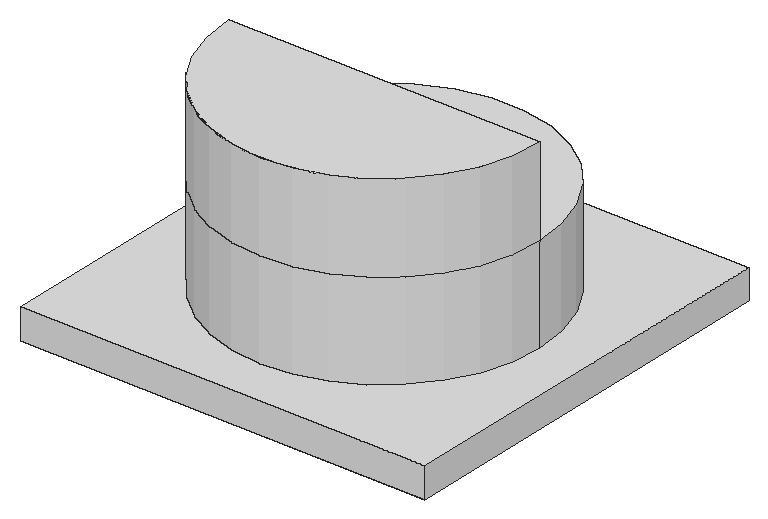
Revit family "OvalLED R NM ST LED 230V 1t (takmontasje)", category Lighting Fixtures, Revit 2013
Parameters (values of type "Type 1")
  Wattage = 9.2903 W
  built-in parameter 1150110 = 1 (stored number, unit not read)
  built-in parameter 1114217 = 1 (stored number, unit not read)
  Tilt Angle = 90.00°
  built-in parameter 1150109 = 1 (stored number, unit not read)
  built-in parameter 1150134 = 3
  built-in parameter 1150113 = 1 (stored number, unit not read)
  Photometric Web File = "2x4 3Lamp.ies"
  Number of Poles = 1
  Symbol Positive Direction [instance] = yes
  built-in parameter 1150105 = 109.82 (stored number, unit not read)
  Lumens = 1380 lm
  built-in parameter 1150115 = 1 (stored number, unit not read)
  built-in parameter 1150137 = (empty or 0)
  built-in parameter 1150139 = (empty or 0)
  built-in parameter 1150112 = 1 (stored number, unit not read)
  built-in parameter 1150114 = 1 (stored number, unit not read)
  built-in parameter 1150132 = (empty or 0)
  built-in parameter 1150102 = (empty or 0)
  built-in parameter 1150107 = 3200 (stored number, unit not read)
  built-in parameter 1150138 = (empty or 0)
  built-in parameter 1150106 = 1.0982 (stored number, unit not read)
  Height 2 = 35 mm
  Height 1 = 38 mm
  Height = 22 mm
  Voltage = 230 V
  Symbol Offset Side [instance] = 0 mm
  Symbol Offset Out [instance] = 0 mm
  Material = Plastic - White
  Loads [instance] = 0 VA
  Length B = 160 mm
  Length A = 160 mm
  Glass Material = Plastic - Glass
  Emit from Rectangle Width = Length B  # 160 mm
  Emit from Rectangle Length = Length A  # 160 mm
  Emit Shape Visible in Rendering = no
  built-in parameter 1150104 = 13.8 (stored number, unit not read)
  Dimming Lamp Color Temperature Shift = <None>
  Diameter = 123 mm
  Color Filter = 16777215
  built-in parameter 1114218 = 1 (stored number, unit not read)
  built-in parameter 1150133 = 10 (stored number, unit not read)
Reference planes
  plane 1 "Light Source Axis (F/B)": y = 0
  plane 2: z = 0
  plane 3 "Light Source Axis (L/R)": x = 0
  plane 4 "Light Source Elevation": z = 0
  plane 5: z = -22
  plane 6: z = -19
  plane 7: z = -12
  plane 8: y = 80
  plane 9: x = 80
  plane 10: y = -80
  plane 11: x = -80
  plane 12: y = 15
  plane 13: x = 15
  plane 14: y = -15
  plane 15: x = -15
  plane 16: z = 38
  plane 17: z = 73
Forms (mm)
  Extrusion 1, solid, material "Plastic - White" <- "Material"
    sketch origin (0, 0, 0) x (1, 0, 0) y (0, 1, 0)
      loop
        line (-80, 80) -> (-80, -80) -> (80, -80) -> (80, 80) -> (-80, 80)
    from 0 to -12
  Blend 2, solid, material "Plastic - White" <- "Material"
    base sketch origin (0, 0, 0) x (1, 0, 0) y (0, 1, 0)
      loop
        line (-80, 80) -> (-80, -80) -> (80, -80) -> (80, 80) -> (-80, 80)
    top sketch origin (0, 0, 0) x (1, 0, 0) y (0, 1, 0)
      loop
        line (-15, 15) -> (-15, -15) -> (15, -15) -> (15, 15) -> (-15, 15)
    from -12 to -19
  Revolve 3, solid, material "Plastic - Glass" <- "Glass Material"
    sketch origin (0, 0, 0) x (1, 0, 0) y (0, 0, 1)
      loop
        line (0, -19) -> (0, -22) -> (0.8, -22)
        arc (0.8, -22) -> (2.993, -21.133) -> (4, -19) r 3.207
        line (4, -19) -> (0, -19)
      axis (0, -19) -> (0, -22)
    angle from 0 to 360
  Extrusion 4, solid, material "Plastic - White" <- "Material"
    sketch origin (0, 0, 0) x (1, 0, 0) y (0, 1, 0)
      loop
        circle (0, 0) r 61.5
    from 0 to 38
  Extrusion 5, solid, material "Plastic - White" <- "Material"
    sketch origin (0, 0, 0) x (1, 0, 0) y (0, 1, 0)
      loop
        arc (-61.5, 0) -> (0, -61.5) -> (61.5, 0) r 61.5
        line (61.5, 0) -> (-61.5, 0)
    from 38 to 73
Cuts and joins
  joined: Extrusion 4, Extrusion 5
Lines and regions (mm)
  model lines, style "InvisibleLines"
    curve 1: line (0, 0, 0) -> (0, 0, -19)
Dimensions and locks
  plane 4 "Light Source Elevation" to plane 2 = 0 mm
  "Height": plane 4 "Light Source Elevation" to plane 5
  locked: plane 6 to plane 5 at 3
  locked: plane 7 to plane 5 at 10
  equal spacing: plane 11, plane 3 "Light Source Axis (L/R)", plane 9
  equal spacing: plane 8, plane 1 "Light Source Axis (F/B)", plane 10
  "Length A": plane 11 to plane 9
  "Length B": plane 8 to plane 10
  plane 12 to plane 1 "Light Source Axis (F/B)" to plane 14 = 15 mm locked, 15 mm locked
  plane 15 to plane 3 "Light Source Axis (L/R)" to plane 13 = 15 mm locked, 15 mm locked
  "Height 1": plane 16 to plane 4 "Light Source Elevation"
  "Height 2": plane 17 to plane 16
  "Diameter": diameter of Extrusion 4 sketch curve
  "Diameter": diameter of Extrusion 5 sketch curve
  aligned and locked: plane 2 to level
  aligned and locked: plane 1 "Light Source Axis (F/B)" to nested 1
  aligned and locked: plane 3 "Light Source Axis (L/R)" to nested 1
  aligned and locked: Extrusion 1 sketch curve to plane 8
  aligned and locked: plane 11 to Extrusion 1 sketch curve
  aligned and locked: plane 10 to Extrusion 1 sketch curve
  aligned and locked: Extrusion 1 sketch curve to plane 9
  aligned and locked: Extrusion 1 to plane 7
  aligned and locked: Extrusion 1 to plane 4 "Light Source Elevation"
  aligned and locked: Blend 2 sketch curve to plane 8
  aligned and locked: plane 11 to Blend 2 sketch curve
  aligned and locked: plane 10 to Blend 2 sketch curve
  aligned and locked: Blend 2 sketch curve to plane 9
  aligned and locked: Blend 2 sketch curve to plane 12
  aligned and locked: plane 15 to Blend 2 sketch curve
  aligned and locked: Blend 2 sketch curve to plane 14
  aligned and locked: Blend 2 sketch curve to plane 13
  aligned and locked: plane 7 to Blend 2
  aligned and locked: Revolve 3 sketch curve to plane 3 "Light Source Axis (L/R)"  (x2)
  aligned and locked: Revolve 3 sketch curve to plane 6
  aligned and locked: Revolve 3 sketch curve to plane 5
  aligned and locked: imposter light to plane 3 "Light Source Axis (L/R)"
  aligned and locked: imposter light to plane 5
  aligned and locked: imposter light to plane 1 "Light Source Axis (F/B)"
  aligned and locked: Blend 2 to plane 6
  aligned and locked: plane 3 "Light Source Axis (L/R)" to Extrusion 4 sketch curve
  aligned and locked: plane 1 "Light Source Axis (F/B)" to Extrusion 4 sketch curve
  aligned and locked: plane 16 to Extrusion 4
  aligned and locked: plane 4 "Light Source Elevation" to Extrusion 4
  aligned and locked: plane 3 "Light Source Axis (L/R)" to Extrusion 5 sketch curve
  aligned and locked: plane 1 "Light Source Axis (F/B)" to Extrusion 5 sketch curve  (x2)
  aligned and locked: plane 17 to Extrusion 5
  aligned and locked: Extrusion 5 to plane 16
Automatic sketch dimensions
  plane 6 to Revolve 3 sketch curve = 0.207 mm
  plane 3 "Light Source Axis (L/R)" to Revolve 3 sketch curve = 0.8 mm
  Revolve 3 sketch curve to plane 5 = 256.8 mm
  level to Revolve 3 sketch curve = 2366.751 mm
  curve 1 to level = 0 mm
  curve 1 to plane 6 = 0 mm
  curve 1 to plane 3 "Light Source Axis (L/R)" = 0 mm
Nested families
  nested 1: "LedelysS" at (0, 0, 0), type "Type 1"
Connectors
  electrical at (0, 0, 0), driven by "Voltage", driven by "Loads", driven by "Number of Poles", driven by "Loads"
    settings: on plane 4 "Light Source Elevation", index 1, voltage 230 V, apparent load 0 VA, apparent load phase1 0 VA, apparent load phase2 0 VA, apparent load phase3 0 VA, power factor 1, load classification "Lighting", number of poles 1, system type 30, power factor state 1, is connector primary yes, connector utility no, sub classification motor no, connector description ""
Definition of nested family "LedelysS"
  Parameters (values of type "Type 1")
    CQ Symbol Positive Direction = yes
    CQ Symbol Negative Direction = not(CQ Symbol Positive Direction)  # no
    CQ Symbol Offset Side = 0 mm
    CQ Symbol Offset Out = 0 mm
  Reference planes
    plane 1: y = 0
    plane 2: x = 0
  Dimensions and locks
    "CQ Symbol Offset Out": plane 1 to nested 1
    "CQ Symbol Offset Out": plane 1 to nested 2
    "CQ Symbol Offset Side": plane 2 to nested 2
    "CQ Symbol Offset Side": nested 1 to plane 2
  Nested families
    nested 1: "LedelysSub" at (0, 0, 0), visible <- "CQ Symbol Negative Direction", type "Type 1"
    nested 2: "LedelysSub" at (0, 0, 0), visible <- "CQ Symbol Positive Direction", type "Type 1"
  Definition of nested family "LedelysSub"
    Reference planes
      plane 1: y = 0
      plane 2: x = 0
    Lines and regions (mm)
      detail lines
        curve 1: line (-4, -2, 0) -> (4, -2, 0)
        curve 2: line (4, -2, 0) -> (4, 2, 0)
        curve 3: line (4, 2, 0) -> (-4, 2, 0)
        curve 4: line (-4, 2, 0) -> (-4, -2, 0)
        curve 5: line (-3.097, -1.25, 0) -> (-0.597, 1.25, 0)
        curve 6: line (-3.097, 1.25, 0) -> (-0.597, -1.25, 0)
        curve 7: circle (-1.847, 0, 0) r 1.2 normal (0, 0, 1)
    Text (mm)
      text "LL" at (2.179, 1.025, 0)
